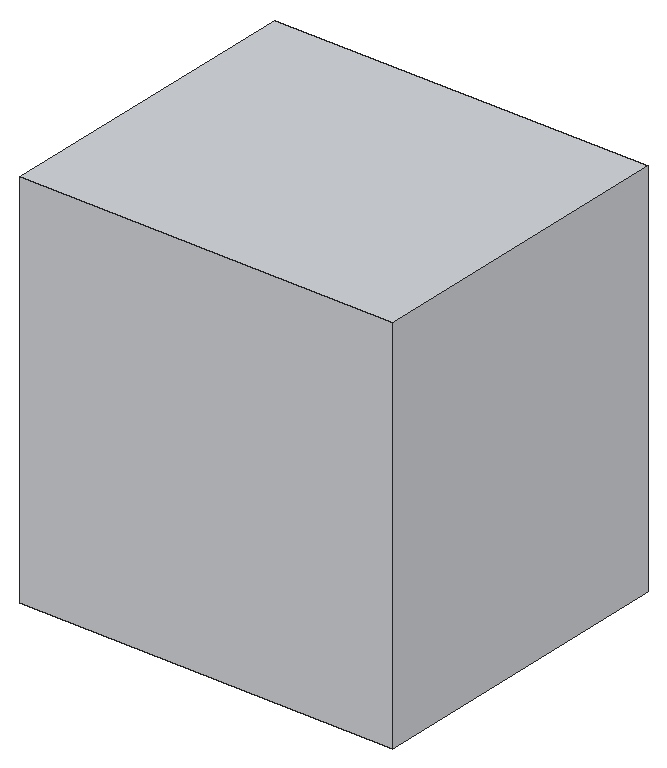
Revit family "a2f9033552d843fb9e13208a6b57dded", category Mechanical Equipment, Revit 2021
Family settings
  Round Connector Dimension = Use Diameter
  Part Type = Normal
  OmniClass Number = 23.75.35.14
  OmniClass Title = Air Handling Units
  Seek Item ID = Rooftop AHU Fan-0000-USA-ENU
  Work Plane-Based = No
  Always vertical = Yes
  Cut with Voids When Loaded = No
  Shared = No
  Room Calculation Point = No
Parameters (values of type "Airfoil Fan - 1500 CFM")
  Voltage = 460 V
  Unit Width = Duct Width  # 3' - 0"
  Unit Length = 3' - 6"
  Unit Height = Duct Height  # 3' - 7"
  Part Shape = "Rectangular Duct"
  Number of Poles = 3
  Model = "Outdoor Size 03"
  Load Classification = Cooling
  External Static Pressure [instance] = 4.50 in-wg
  Duct Width = 36"
  Duct Height = 43"
  Default Elevation = 0' - 0"
  Apparent Load = 626 VA
  Air Flow [instance] = 1500 CFM
Types (30): name | Unit Width | Unit Length | Unit Height | Model | External Static Pressure | Duct Width | Duct Height | Apparent Load | Air Flow
  Plenum Fan - 1500 CFM | 3' - 0" | 4' - 0" | 3' - 7" | "Outdoor Size 03" | 6.00 in-wg | 36" | 43" | 626 VA | 1500 CFM
  Plenum Fan - 3000 CFM | 4' - 1" | 4' - 6" | 3' - 7" | "Outdoor Size 06" | 6.00 in-wg | 49" | 43" | 939 VA | 3000 CFM
  Plenum Fan - 4000 CFM | 4' - 9" | 3' - 6" | 3' - 10" | "Outdoor Size 08" | 6.00 in-wg | 57" | 46" | 1252 VA | 4000 CFM
  Plenum Fan - 5000 CFM | 5' - 10" | 3' - 6" | 3' - 10" | "Outdoor Size 10" | 6.00 in-wg | 70" | 46" | 1878 VA | 5000 CFM
  Plenum Fan - 6000 CFM | 5' - 10" | 4' - 0" | 4' - 5" | "Outdoor Size 12" | 6.00 in-wg | 70" | 53" | 3130 VA | 6000 CFM
  Plenum Fan - 7000 CFM | 6' - 3" | 4' - 0" | 4' - 5" | "Outdoor Size 14" | 6.00 in-wg | 75" | 53" | 4695 VA | 7000 CFM
  Plenum Fan - 8500 CFM | 6' - 10" | 4' - 0" | 4' - 8" | "Outdoor Size 17" | 6.00 in-wg | 82" | 56" | 6260 VA | 8500 CFM
  Plenum Fan - 10500 CFM | 6' - 10" | 4' - 6" | 5' - 6" | "Outdoor Size 21" | 6.00 in-wg | 82" | 66" | 9390 VA | 10500 CFM
  Plenum Fan - 12500 CFM | 7' - 5" | 4' - 6" | 5' - 6" | "Outdoor Size 25" | 6.00 in-wg | 89" | 66" | 12520 VA | 12500 CFM
  Plenum Fan - 15000 CFM | 8' - 11" | 4' - 6" | 5' - 6" | "Outdoor Size 30" | 6.00 in-wg | 107" | 66" | 15651 VA | 15000 CFM
  Forward Curved Fan - 1500 CFM | 3' - 0" | 2' - 0" | 3' - 7" | "Outdoor Size 03" | 6.00 in-wg | 36" | 43" | 626 VA | 1500 CFM
  Airfoil Fan - 1500 CFM | 3' - 0" | 3' - 6" | 3' - 7" | "Outdoor Size 03" | 4.50 in-wg | 36" | 43" | 626 VA | 1500 CFM
  Airfoil Fan - 3000 CFM | 4' - 1" | 3' - 6" | 3' - 7" | "Outdoor Size 06" | 4.50 in-wg | 49" | 43" | 939 VA | 3000 CFM
  Forward Curved Fan - 3000 CFM | 4' - 1" | 2' - 6" | 3' - 7" | "Outdoor Size 06" | 6.00 in-wg | 49" | 43" | 939 VA | 3000 CFM
  Airfoil Fan - 4000 CFM | 4' - 9" | 3' - 0" | 3' - 10" | "Outdoor Size 08" | 4.50 in-wg | 57" | 46" | 1252 VA | 4000 CFM
  Airfoil Fan - 5000 CFM | 5' - 10" | 3' - 0" | 3' - 10" | "Outdoor Size 10" | 4.50 in-wg | 70" | 46" | 1878 VA | 5000 CFM
  Airfoil Fan - 6000 CFM | 5' - 10" | 3' - 6" | 4' - 5" | "Outdoor Size 12" | 4.50 in-wg | 70" | 53" | 3130 VA | 6000 CFM
  Airfoil Fan - 7000 CFM | 6' - 3" | 4' - 0" | 4' - 5" | "Outdoor Size 14" | 4.50 in-wg | 75" | 53" | 4695 VA | 7000 CFM
  Airfoil Fan - 8500 CFM | 6' - 10" | 4' - 0" | 4' - 8" | "Outdoor Size 17" | 4.50 in-wg | 82" | 56" | 6260 VA | 8500 CFM
  Airfoil Fan - 10500 CFM | 6' - 10" | 4' - 0" | 5' - 6" | "Outdoor Size 21" | 4.50 in-wg | 82" | 66" | 9390 VA | 10500 CFM
  Airfoil Fan - 12500 CFM | 7' - 5" | 5' - 0" | 5' - 6" | "Outdoor Size 25" | 4.50 in-wg | 89" | 66" | 12520 VA | 12500 CFM
  Airfoil Fan - 15000 CFM | 8' - 11" | 5' - 0" | 5' - 6" | "Outdoor Size 30" | 4.50 in-wg | 107" | 66" | 15651 VA | 15000 CFM
  Forward Curved Fan - 15000 CFM | 8' - 11" | 5' - 0" | 5' - 6" | "Outdoor Size 30" | 6.00 in-wg | 107" | 66" | 15651 VA | 15000 CFM
  Forward Curved Fan - 12500 CFM | 7' - 5" | 5' - 0" | 5' - 6" | "Outdoor Size 25" | 6.00 in-wg | 89" | 66" | 12520 VA | 12500 CFM
  Forward Curved Fan - 10500 CFM | 6' - 10" | 4' - 0" | 5' - 6" | "Outdoor Size 21" | 6.00 in-wg | 82" | 66" | 9390 VA | 10500 CFM
  Forward Curved Fan - 8500 CFM | 6' - 10" | 4' - 0" | 4' - 8" | "Outdoor Size 17" | 6.00 in-wg | 82" | 56" | 6260 VA | 8500 CFM
  Forward Curved Fan - 7000 CFM | 6' - 3" | 4' - 0" | 4' - 5" | "Outdoor Size 14" | 6.00 in-wg | 75" | 53" | 4695 VA | 7000 CFM
  Forward Curved Fan - 6000 CFM | 5' - 10" | 3' - 6" | 4' - 5" | "Outdoor Size 12" | 6.00 in-wg | 70" | 53" | 3130 VA | 6000 CFM
  Forward Curved Fan - 5000 CFM | 5' - 10" | 3' - 0" | 3' - 10" | "Outdoor Size 10" | 6.00 in-wg | 70" | 46" | 1878 VA | 5000 CFM
  Forward Curved Fan - 4000 CFM | 4' - 9" | 3' - 0" | 3' - 10" | "Outdoor Size 08" | 6.00 in-wg | 57" | 46" | 1252 VA | 4000 CFM
Reference planes (in)
  plane 1 "Center (Front/Back)": y = 0
  plane 2: z = 0
  plane 3 "Center (Left/Right)": x = 0
  plane 4: x = -42
  plane 5: y = 36
  plane 6: z = 43
Forms (in)
  Extrusion 1, solid
    sketch origin (0, 0, 0) x (1, 0, 0) y (0, 1, 0)
      loop
        line (-42, 36) -> (-42, 0) -> (0, 0) -> (0, 36) -> (-42, 36)
    from 0 to 43
Dimensions and locks (in)
  "Unit Width": plane 5 to plane 1 "Center (Front/Back)"
  "Unit Length": plane 4 to plane 3 "Center (Left/Right)"
  "Unit Height": plane 6 to plane 2
  aligned and locked: plane 4 to Extrusion 1 sketch curve
  aligned and locked: Extrusion 1 sketch curve to plane 5
  aligned and locked: plane 1 "Center (Front/Back)" to Extrusion 1 sketch curve
  aligned and locked: Extrusion 1 sketch curve to plane 3 "Center (Left/Right)"
  aligned and locked: Extrusion 1 to plane 2
  aligned and locked: plane 6 to Extrusion 1
Connectors (in)
  hvac at (-42, 18, 21.5), driven by "Air Flow", driven by "Duct Height", driven by "Duct Width"
    settings: on Extrusion 1, index 1, duct flow 1500 CFM, flow factor 0, pres drop 0.00 in-wg, loss coef 0, conn angle 0.00°, conn width 36", conn height 43", conn diameter 24", duct sys type 1, conn prof type 1, flow config 0, flow direction 0, loss method 4, conn ref index 2, conn util no, is conn primary yes, conn desc ""
  hvac at (0, 18, 21.5), driven by "Air Flow", driven by "Duct Height", driven by "Duct Width"
    settings: on Extrusion 1, index 2, duct flow 1500 CFM, flow factor 0, pres drop 0.00 in-wg, loss coef 0, conn angle 0.00°, conn width 36", conn height 43", conn diameter 24", duct sys type 1, conn prof type 1, flow config 0, flow direction 0, loss method 4, conn ref index 1, conn util no, is conn primary no, conn desc ""
  electrical at (-21, 0, 21.5), driven by "Apparent Load", driven by "Voltage", driven by "Number of Poles", driven by "Load Classification"
    settings: on Extrusion 1, index 3, voltage 460 V, apparent load 626 VA, apparent load phase1 0 VA, apparent load phase2 0 VA, apparent load phase3 0 VA, power factor 0.8, load classification "Cooling", number of poles 3, system type 30, power factor state 1, is connector primary yes, connector utility no, sub classification motor no, connector description ""
